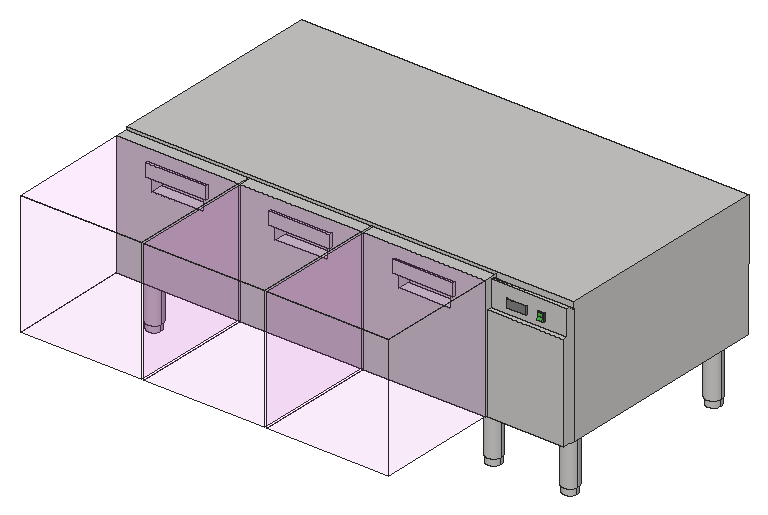
Revit family "QF_ELECTROLUXPROFESSIONAL_391601_E9TTAECOMKN", category Specialty Equipment, Revit 2018
Family settings
  Round Connector Dimension = Use Diameter
  Part Type = Normal
  Work Plane-Based = No
  Always vertical = Yes
  Cut with Voids When Loaded = No
  Shared = No
  Room Calculation Point = No
Parameters
  Weight = 110.00 kg
  Watts = 0 W
  Volts = 0 V
  URL Manufacturer = ""
  URL = ""
  Steam Supply Size = 0 mm
  Steam Supply Minimum Pressure = 0.0 Pa
  Steam Supply Maximum Pressure = 0.0 Pa
  Steam Pounds per Hour = 0
  Refrigeration Suction Line Size = 0 mm
  Refrigeration Liquid Line Size = 0 mm
  Refrigerant Compressor Remote = yes
  Manufacturer = ""
  Phase = 0
  Model = ""
  Length Actual = 1600 mm  # constant formula
  Item Number = ""
  Hot Water Size = 0 mm
  Height Actual = 600 mm  # constant formula
  HP = "0.6 HP"
  Gas Size = 0 mm
  Gas KW = 0
  Gas Input Pressure = 0 W
  Direct Waste Size = 12.7 mm
  Description = ""
  Depth Actual = 830 mm  # constant formula
  Cycle = 0 Hz
  Condensate Return Size = 0 mm
  Compressed Air Volume = 0.0 L/s
  Compressed Air Size = 0 mm
  Compressed Air Pressure = 0.0 Pa
  Cold Water Size = 0 mm
  Accessory = yes
Reference planes
  plane 1 "Center X": y = 0
  plane 2: z = 0
  plane 3 "Centro (Sinistra/Destra)": x = 0
  plane 4: z = 200
  plane 5 "TOP": z = 650
  plane 6 "BACK": y = 450
  plane 7 "FRONT": y = -450
  plane 8 "LEFT": x = -800
  plane 9 "RIGHT": x = 800
  plane 10: y = -403
  plane 11: y = -448
  plane 12: x = -745
  plane 13: x = 745
  plane 14: x = 471
  plane 15: y = 292
  plane 16: y = -350
  plane 17: x = 286
  plane 18: x = -799
  plane 19: x = 799
  plane 20: y = 290
  plane 21: x = 760
  plane 22: y = 380
Forms (mm)
  Extrusion 1, solid, material "QF_Finishes_Stainless Steel"
    sketch origin (0, 0, 650) x (-1, 0, 0) y (0, -1, 0)
      loop
        line (799, -380) -> (799, 403) -> (-799, 403) -> (-799, -380) -> (799, -380)
    from -450 to 0
  Extrusion 2, solid, material "QF_Finishes_Stainless Steel"
    sketch origin (196, -342.999, 0) x (-1, 0, 0) y (0, 0, 1)
      loop
        line (995, 201.587) -> (995, 640.994) -> (560.999, 640.994) -> (560.999, 201.587) -> (995, 201.587)
      loop
        line (871.3, 506.706) -> (871.3, 585) -> (684.699, 585) -> (684.699, 506.706) -> (871.3, 506.706)
    from -105.001 to -60.001
  Extrusion 3, solid, material "QF_Door-Drawer Clearances"
    sketch origin (196, -448, 0) x (1, 0, 0) y (0, 0, 1)
      loop
        line (-995, 640.994) -> (-995, 201.587) -> (-560.999, 201.587) -> (-560.999, 640.994) -> (-995, 640.994)
    from 0 to 434
  Extrusion 4, solid, material "QF_Finishes_Stainless Steel"
    sketch origin (196, -448, 0) x (1, 0, 0) y (0, 0, 1)
      loop
        line (-886.3, 598.969) -> (-886.3, 553.969) -> (-669.699, 553.969) -> (-669.699, 598.969) -> (-886.3, 598.969)
    from 0 to 10
  Extrusion 5, solid, material "QF_Finishes_Stainless Steel"
    sketch origin (0, -30, 0) x (1, 0, 0) y (0, 1, 0)
      loop
        circle (760, 290) r 6
    from 189.987 to 200
  Extrusion 6, solid, material "QF_Finishes_Stainless Steel"
    sketch origin (799, -33.449, 0) x (0, 1, 0) y (0, 0, 1)
      loop
        line (-369.551, 629.527) -> (-386.314, 640.994) -> (-397.65, 640.994) -> (-397.65, 549.796) -> (-414.551, 549.796) -> (-414.551, 204.796) -> (-384.714, 204.796) -> (-374.993, 200) -> (-369.551, 200) -> (-369.551, 629.527)
    from 0 to -271
  Extrusion 7, solid, material "QF_Finishes_Black"
    sketch origin (783, -431.099, 630.994) x (0, 0, -1) y (1, 0, 0)
      loop
        line (32.198, -86.899) -> (61.199, -86.899) -> (61.199, -64.9) -> (32.198, -64.9) -> (32.198, -86.899)
    from 0 to 1.6
  Extrusion 8, solid, material "QF_Finishes_Grey"
    sketch origin (789, -431.099, 630.994) x (0, 0, -1) y (1, 0, 0)
      loop
        line (32.198, -206.099) -> (61.199, -206.099) -> (61.199, -136.099) -> (32.198, -136.099) -> (32.198, -206.099)
    from 0 to 1.6
  Extrusion 9, solid, material "QF_Finishes_Green"
    sketch origin (718.1, -431.099, 598.796) x (0, 0, -1) y (0, 1, 0)
      loop
        line (2.279, -3.281) -> (14.5, -3.281) -> (25.308, -8.985)
        arc (25.308, -8.985) -> (26.537, -5.394) -> (26.605, -1.6) r 12.221
        line (26.605, -1.6) -> (2.395, -1.6)
        arc (2.395, -1.6) -> (2.308, -2.439) -> (2.279, -3.281) r 12.221
    from -20 to -2
  Extrusion 10, solid, material "QF_Finishes_Stainless Steel"
    sketch origin (640.331, -442.999, 0) x (-1, 0, 0) y (0, 0, 1)
      loop
        line (997, 201.587) -> (997, 640.994) -> (563, 640.994) -> (563, 201.587) -> (997, 201.587)
      loop
        line (873.3, 506.706) -> (873.3, 585) -> (686.699, 585) -> (686.699, 506.706) -> (873.3, 506.706)
    from -5.001 to 39.999
  Extrusion 11, solid, material "QF_Door-Drawer Clearances"
    sketch origin (640.331, -448, 0) x (1, 0, 0) y (0, 0, 1)
      loop
        line (-997, 640.994) -> (-997, 201.587) -> (-563, 201.587) -> (-563, 640.994) -> (-997, 640.994)
    from 0 to 434
  Extrusion 12, solid, material "QF_Finishes_Stainless Steel"
    sketch origin (640.331, -448, 0) x (1, 0, 0) y (0, 0, 1)
      loop
        line (-888.3, 598.969) -> (-888.3, 553.969) -> (-671.699, 553.969) -> (-671.699, 598.969) -> (-888.3, 598.969)
    from 0 to 10
  Extrusion 13, solid, material "QF_Finishes_Stainless Steel"
    sketch origin (1073.161, -442.999, 0) x (-1, 0, 0) y (0, 0, 1)
      loop
        line (553.5, 201.587) -> (987.5, 201.587) -> (987.5, 640.994) -> (553.5, 640.994) -> (553.5, 201.587)
      loop
        line (863.8, 506.706) -> (863.8, 585) -> (677.199, 585) -> (677.199, 506.706) -> (863.8, 506.706)
    from -5.001 to 39.999
  Extrusion 14, solid, material "QF_Door-Drawer Clearances"
    sketch origin (1073.161, -448, 0) x (1, 0, 0) y (0, 0, 1)
      loop
        line (-553.5, 640.994) -> (-987.5, 640.994) -> (-987.5, 201.587) -> (-553.5, 201.587) -> (-553.5, 640.994)
    from 0 to 434
  Extrusion 15, solid, material "QF_Finishes_Stainless Steel"
    sketch origin (1073.161, -448, 0) x (1, 0, 0) y (0, 0, 1)
      loop
        line (-878.8, 598.969) -> (-878.8, 553.969) -> (-662.199, 553.969) -> (-662.199, 598.969) -> (-878.8, 598.969)
    from 0 to 10
Lines and regions (mm)
  Split face 1
    outline origin (789, -432.699, 630.994) x (0, 0, -1) y (1, 0, 0)
      loop
        line (37.198, -196.099) -> (52.198, -196.099) -> (52.198, -146.099) -> (37.198, -146.099) -> (37.198, -196.099)
  Split face 2
    outline origin (789, -432.699, 630.994) x (0, 0, -1) y (1, 0, 0)
      loop
        circle (44.698, -143.099) r 1.2
  Split face 3
    outline origin (789, -432.699, 630.994) x (0, 0, -1) y (1, 0, 0)
      loop
        circle (39.698, -143.099) r 1.2
  Split face 4
    outline origin (789, -432.699, 630.994) x (0, 0, -1) y (1, 0, 0)
      loop
        circle (49.698, -143.099) r 1.2
  Split face 5
    outline origin (789, -432.699, 630.994) x (0, 0, -1) y (1, 0, 0)
      loop
        circle (39.698, -199.099) r 1.2
  Split face 6
    outline origin (789, -432.699, 630.994) x (0, 0, -1) y (1, 0, 0)
      loop
        circle (44.698, -199.099) r 1.2
  Split face 7
    outline origin (789, -432.699, 630.994) x (0, 0, -1) y (1, 0, 0)
      loop
        circle (49.698, -199.099) r 1.2
  Split face 8
    outline origin (789, -432.699, 630.994) x (0, 0, -1) y (1, 0, 0)
      loop
        line (59.151, -196.099) -> (59.151, -185.099) -> (54.151, -185.099) -> (54.151, -196.099) -> (59.151, -196.099)
  Split face 9
    outline origin (789, -432.699, 630.994) x (0, 0, -1) y (1, 0, 0)
      loop
        line (54.151, -183.099) -> (59.151, -183.099) -> (59.151, -172.099) -> (54.151, -172.099) -> (54.151, -183.099)
  Split face 10
    outline origin (802, -432.699, 630.994) x (0, 0, -1) y (1, 0, 0)
      loop
        line (54.151, -183.099) -> (59.151, -183.099) -> (59.151, -172.099) -> (54.151, -172.099) -> (54.151, -183.099)
  Split face 11
    outline origin (815, -432.699, 630.994) x (0, 0, -1) y (1, 0, 0)
      loop
        line (54.151, -183.099) -> (59.151, -183.099) -> (59.151, -172.099) -> (54.151, -172.099) -> (54.151, -183.099)
  Split face 12
    outline origin (799, -448, 412.291) x (0, 0, -1) y (1, 0, 0)
      loop
        arc (-85.025, -240.599) -> (-81.004, -236.61) -> (-85.004, -232.599) r 4
        line (-85.004, -232.599) -> (-117.004, -232.599)
        arc (-117.004, -232.599) -> (-121.004, -236.61) -> (-116.984, -240.599) r 4
        line (-116.984, -240.599) -> (-85.025, -240.599)
  Split face 13
    outline origin (811, -448, 412.291) x (0, 0, -1) y (1, 0, 0)
      loop
        arc (-85.025, -240.599) -> (-81.004, -236.61) -> (-85.004, -232.599) r 4
        line (-85.004, -232.599) -> (-117.004, -232.599)
        arc (-117.004, -232.599) -> (-121.004, -236.61) -> (-116.984, -240.599) r 4
        line (-116.984, -240.599) -> (-85.025, -240.599)
  Split face 14
    outline origin (823, -448, 412.291) x (0, 0, -1) y (1, 0, 0)
      loop
        arc (-85.025, -240.599) -> (-81.004, -236.61) -> (-85.004, -232.599) r 4
        line (-85.004, -232.599) -> (-117.004, -232.599)
        arc (-117.004, -232.599) -> (-121.004, -236.61) -> (-116.984, -240.599) r 4
        line (-116.984, -240.599) -> (-85.025, -240.599)
  Split face 15
    outline origin (834.897, -448, 412.291) x (0, 0, -1) y (1, 0, 0)
      loop
        arc (-85.025, -240.599) -> (-81.004, -236.61) -> (-85.004, -232.599) r 4
        line (-85.004, -232.599) -> (-117.004, -232.599)
        arc (-117.004, -232.599) -> (-121.004, -236.61) -> (-116.984, -240.599) r 4
        line (-116.984, -240.599) -> (-85.025, -240.599)
  Split face 16
    outline origin (846.896, -448, 412.291) x (0, 0, -1) y (1, 0, 0)
      loop
        arc (-85.025, -240.599) -> (-81.004, -236.61) -> (-85.004, -232.599) r 4
        line (-85.004, -232.599) -> (-117.004, -232.599)
        arc (-117.004, -232.599) -> (-121.004, -236.61) -> (-116.984, -240.599) r 4
        line (-116.984, -240.599) -> (-85.025, -240.599)
  Split face 17
    outline origin (858.896, -448, 412.291) x (0, 0, -1) y (1, 0, 0)
      loop
        arc (-85.025, -240.599) -> (-81.004, -236.61) -> (-85.004, -232.599) r 4
        line (-85.004, -232.599) -> (-117.004, -232.599)
        arc (-117.004, -232.599) -> (-121.004, -236.61) -> (-116.984, -240.599) r 4
        line (-116.984, -240.599) -> (-85.025, -240.599)
  Split face 18
    outline origin (870.896, -448, 412.291) x (0, 0, -1) y (1, 0, 0)
      loop
        arc (-85.025, -240.599) -> (-81.004, -236.61) -> (-85.004, -232.599) r 4
        line (-85.004, -232.599) -> (-117.004, -232.599)
        arc (-117.004, -232.599) -> (-121.004, -236.61) -> (-116.984, -240.599) r 4
        line (-116.984, -240.599) -> (-85.025, -240.599)
  Split face 19
    outline origin (882.897, -448, 412.291) x (0, 0, -1) y (1, 0, 0)
      loop
        arc (-85.025, -240.599) -> (-81.004, -236.61) -> (-85.004, -232.599) r 4
        line (-85.004, -232.599) -> (-117.004, -232.599)
        arc (-117.004, -232.599) -> (-121.004, -236.61) -> (-116.984, -240.599) r 4
        line (-116.984, -240.599) -> (-85.025, -240.599)
  Split face 20
    outline origin (894.896, -448, 412.291) x (0, 0, -1) y (1, 0, 0)
      loop
        arc (-85.025, -240.599) -> (-81.004, -236.61) -> (-85.004, -232.599) r 4
        line (-85.004, -232.599) -> (-117.004, -232.599)
        arc (-117.004, -232.599) -> (-121.004, -236.61) -> (-116.984, -240.599) r 4
        line (-116.984, -240.599) -> (-85.025, -240.599)
  Split face 21
    outline origin (906.896, -448, 412.291) x (0, 0, -1) y (1, 0, 0)
      loop
        arc (-85.025, -242.399) -> (-81.004, -238.41) -> (-85.004, -234.4) r 4
        line (-85.004, -234.4) -> (-117.004, -234.4)
        arc (-117.004, -234.4) -> (-121.004, -238.41) -> (-116.984, -242.399) r 4
        line (-116.984, -242.399) -> (-85.025, -242.399)
  Split face 22
    outline origin (918.896, -448, 412.291) x (0, 0, -1) y (1, 0, 0)
      loop
        arc (-85.025, -242.399) -> (-81.004, -238.41) -> (-85.004, -234.4) r 4
        line (-85.004, -234.4) -> (-117.004, -234.4)
        arc (-117.004, -234.4) -> (-121.004, -238.41) -> (-116.984, -242.399) r 4
        line (-116.984, -242.399) -> (-85.025, -242.399)
  Split face 23
    outline origin (930.896, -448, 412.291) x (0, 0, -1) y (1, 0, 0)
      loop
        arc (-85.025, -242.399) -> (-81.004, -238.41) -> (-85.004, -234.4) r 4
        line (-85.004, -234.4) -> (-117.004, -234.4)
        arc (-117.004, -234.4) -> (-121.004, -238.41) -> (-116.984, -242.399) r 4
        line (-116.984, -242.399) -> (-85.025, -242.399)
  Split face 24
    outline origin (942.896, -448, 412.291) x (0, 0, -1) y (1, 0, 0)
      loop
        arc (-85.025, -242.399) -> (-81.004, -238.41) -> (-85.004, -234.4) r 4
        line (-85.004, -234.4) -> (-117.004, -234.4)
        arc (-117.004, -234.4) -> (-121.004, -238.41) -> (-116.984, -242.399) r 4
        line (-116.984, -242.399) -> (-85.025, -242.399)
  Split face 25
    outline origin (954.896, -448, 412.291) x (0, 0, -1) y (1, 0, 0)
      loop
        arc (-85.025, -242.399) -> (-81.004, -238.41) -> (-85.004, -234.4) r 4
        line (-85.004, -234.4) -> (-117.004, -234.4)
        arc (-117.004, -234.4) -> (-121.004, -238.41) -> (-116.984, -242.399) r 4
        line (-116.984, -242.399) -> (-85.025, -242.399)
  Split face 26
    outline origin (966.896, -448, 412.291) x (0, 0, -1) y (1, 0, 0)
      loop
        arc (-85.025, -242.399) -> (-81.004, -238.41) -> (-85.004, -234.4) r 4
        line (-85.004, -234.4) -> (-117.004, -234.4)
        arc (-117.004, -234.4) -> (-121.004, -238.41) -> (-116.984, -242.399) r 4
        line (-116.984, -242.399) -> (-85.025, -242.399)
  Split face 27
    outline origin (978.896, -448, 412.291) x (0, 0, -1) y (1, 0, 0)
      loop
        arc (-85.025, -242.399) -> (-81.004, -238.41) -> (-85.004, -234.4) r 4
        line (-85.004, -234.4) -> (-117.004, -234.4)
        arc (-117.004, -234.4) -> (-121.004, -238.41) -> (-116.984, -242.399) r 4
        line (-116.984, -242.399) -> (-85.025, -242.399)
  Split face 28
    outline origin (990.896, -448, 412.291) x (0, 0, -1) y (1, 0, 0)
      loop
        arc (-85.025, -242.399) -> (-81.004, -238.41) -> (-85.004, -234.4) r 4
        line (-85.004, -234.4) -> (-117.004, -234.4)
        arc (-117.004, -234.4) -> (-121.004, -238.41) -> (-116.984, -242.399) r 4
        line (-116.984, -242.399) -> (-85.025, -242.399)
  Split face 29
    outline origin (1002.896, -448, 412.291) x (0, 0, -1) y (1, 0, 0)
      loop
        arc (-85.025, -242.399) -> (-81.004, -238.41) -> (-85.004, -234.4) r 4
        line (-85.004, -234.4) -> (-117.004, -234.4)
        arc (-117.004, -234.4) -> (-121.004, -238.41) -> (-116.984, -242.399) r 4
        line (-116.984, -242.399) -> (-85.025, -242.399)
  Split face 30
    outline origin (1014.896, -448, 412.291) x (0, 0, -1) y (1, 0, 0)
      loop
        arc (-85.025, -242.399) -> (-81.004, -238.41) -> (-85.004, -234.4) r 4
        line (-85.004, -234.4) -> (-117.004, -234.4)
        arc (-117.004, -234.4) -> (-121.004, -238.41) -> (-116.984, -242.399) r 4
        line (-116.984, -242.399) -> (-85.025, -242.399)
  Split face 31
    outline origin (787, -448, 412.291) x (0, 0, -1) y (1, 0, 0)
      loop
        arc (-85.025, -240.599) -> (-81.004, -236.61) -> (-85.004, -232.599) r 4
        line (-85.004, -232.599) -> (-117.004, -232.599)
        arc (-117.004, -232.599) -> (-121.004, -236.61) -> (-116.984, -240.599) r 4
        line (-116.984, -240.599) -> (-85.025, -240.599)
  Split face 32
    outline origin (799, -448, 367.29) x (0, 0, -1) y (1, 0, 0)
      loop
        arc (-85.025, -240.599) -> (-81.004, -236.61) -> (-85.004, -232.599) r 4
        line (-85.004, -232.599) -> (-117.004, -232.599)
        arc (-117.004, -232.599) -> (-121.004, -236.61) -> (-116.984, -240.599) r 4
        line (-116.984, -240.599) -> (-85.025, -240.599)
  Split face 33
    outline origin (811, -448, 367.29) x (0, 0, -1) y (1, 0, 0)
      loop
        arc (-85.025, -240.599) -> (-81.004, -236.61) -> (-85.004, -232.599) r 4
        line (-85.004, -232.599) -> (-117.004, -232.599)
        arc (-117.004, -232.599) -> (-121.004, -236.61) -> (-116.984, -240.599) r 4
        line (-116.984, -240.599) -> (-85.025, -240.599)
  Split face 34
    outline origin (823, -448, 367.29) x (0, 0, -1) y (1, 0, 0)
      loop
        arc (-85.025, -240.599) -> (-81.004, -236.61) -> (-85.004, -232.599) r 4
        line (-85.004, -232.599) -> (-117.004, -232.599)
        arc (-117.004, -232.599) -> (-121.004, -236.61) -> (-116.984, -240.599) r 4
        line (-116.984, -240.599) -> (-85.025, -240.599)
  Split face 35
    outline origin (834.897, -448, 367.29) x (0, 0, -1) y (1, 0, 0)
      loop
        arc (-85.025, -240.599) -> (-81.004, -236.61) -> (-85.004, -232.599) r 4
        line (-85.004, -232.599) -> (-117.004, -232.599)
        arc (-117.004, -232.599) -> (-121.004, -236.61) -> (-116.984, -240.599) r 4
        line (-116.984, -240.599) -> (-85.025, -240.599)
  Split face 36
    outline origin (846.896, -448, 367.29) x (0, 0, -1) y (1, 0, 0)
      loop
        arc (-85.025, -240.599) -> (-81.004, -236.61) -> (-85.004, -232.599) r 4
        line (-85.004, -232.599) -> (-117.004, -232.599)
        arc (-117.004, -232.599) -> (-121.004, -236.61) -> (-116.984, -240.599) r 4
        line (-116.984, -240.599) -> (-85.025, -240.599)
  Split face 37
    outline origin (858.896, -448, 367.29) x (0, 0, -1) y (1, 0, 0)
      loop
        arc (-85.025, -240.599) -> (-81.004, -236.61) -> (-85.004, -232.599) r 4
        line (-85.004, -232.599) -> (-117.004, -232.599)
        arc (-117.004, -232.599) -> (-121.004, -236.61) -> (-116.984, -240.599) r 4
        line (-116.984, -240.599) -> (-85.025, -240.599)
  Split face 38
    outline origin (870.896, -448, 367.29) x (0, 0, -1) y (1, 0, 0)
      loop
        arc (-85.025, -240.599) -> (-81.004, -236.61) -> (-85.004, -232.599) r 4
        line (-85.004, -232.599) -> (-117.004, -232.599)
        arc (-117.004, -232.599) -> (-121.004, -236.61) -> (-116.984, -240.599) r 4
        line (-116.984, -240.599) -> (-85.025, -240.599)
  Split face 39
    outline origin (882.897, -448, 367.29) x (0, 0, -1) y (1, 0, 0)
      loop
        arc (-85.025, -240.599) -> (-81.004, -236.61) -> (-85.004, -232.599) r 4
        line (-85.004, -232.599) -> (-117.004, -232.599)
        arc (-117.004, -232.599) -> (-121.004, -236.61) -> (-116.984, -240.599) r 4
        line (-116.984, -240.599) -> (-85.025, -240.599)
  Split face 40
    outline origin (894.896, -448, 367.29) x (0, 0, -1) y (1, 0, 0)
      loop
        arc (-85.025, -240.599) -> (-81.004, -236.61) -> (-85.004, -232.599) r 4
        line (-85.004, -232.599) -> (-117.004, -232.599)
        arc (-117.004, -232.599) -> (-121.004, -236.61) -> (-116.984, -240.599) r 4
        line (-116.984, -240.599) -> (-85.025, -240.599)
  Split face 41
    outline origin (906.896, -448, 367.29) x (0, 0, -1) y (1, 0, 0)
      loop
        arc (-85.025, -242.399) -> (-81.004, -238.41) -> (-85.004, -234.4) r 4
        line (-85.004, -234.4) -> (-117.004, -234.4)
        arc (-117.004, -234.4) -> (-121.004, -238.41) -> (-116.984, -242.399) r 4
        line (-116.984, -242.399) -> (-85.025, -242.399)
  Split face 42
    outline origin (918.896, -448, 367.29) x (0, 0, -1) y (1, 0, 0)
      loop
        arc (-85.025, -242.399) -> (-81.004, -238.41) -> (-85.004, -234.4) r 4
        line (-85.004, -234.4) -> (-117.004, -234.4)
        arc (-117.004, -234.4) -> (-121.004, -238.41) -> (-116.984, -242.399) r 4
        line (-116.984, -242.399) -> (-85.025, -242.399)
  Split face 43
    outline origin (930.896, -448, 367.29) x (0, 0, -1) y (1, 0, 0)
      loop
        arc (-85.025, -242.399) -> (-81.004, -238.41) -> (-85.004, -234.4) r 4
        line (-85.004, -234.4) -> (-117.004, -234.4)
        arc (-117.004, -234.4) -> (-121.004, -238.41) -> (-116.984, -242.399) r 4
        line (-116.984, -242.399) -> (-85.025, -242.399)
  Split face 44
    outline origin (942.896, -448, 367.29) x (0, 0, -1) y (1, 0, 0)
      loop
        arc (-85.025, -242.399) -> (-81.004, -238.41) -> (-85.004, -234.4) r 4
        line (-85.004, -234.4) -> (-117.004, -234.4)
        arc (-117.004, -234.4) -> (-121.004, -238.41) -> (-116.984, -242.399) r 4
        line (-116.984, -242.399) -> (-85.025, -242.399)
  Split face 45
    outline origin (954.896, -448, 367.29) x (0, 0, -1) y (1, 0, 0)
      loop
        arc (-85.025, -242.399) -> (-81.004, -238.41) -> (-85.004, -234.4) r 4
        line (-85.004, -234.4) -> (-117.004, -234.4)
        arc (-117.004, -234.4) -> (-121.004, -238.41) -> (-116.984, -242.399) r 4
        line (-116.984, -242.399) -> (-85.025, -242.399)
  Split face 46
    outline origin (966.896, -448, 367.29) x (0, 0, -1) y (1, 0, 0)
      loop
        arc (-85.025, -242.399) -> (-81.004, -238.41) -> (-85.004, -234.4) r 4
        line (-85.004, -234.4) -> (-117.004, -234.4)
        arc (-117.004, -234.4) -> (-121.004, -238.41) -> (-116.984, -242.399) r 4
        line (-116.984, -242.399) -> (-85.025, -242.399)
  Split face 47
    outline origin (978.896, -448, 367.29) x (0, 0, -1) y (1, 0, 0)
      loop
        arc (-85.025, -242.399) -> (-81.004, -238.41) -> (-85.004, -234.4) r 4
        line (-85.004, -234.4) -> (-117.004, -234.4)
        arc (-117.004, -234.4) -> (-121.004, -238.41) -> (-116.984, -242.399) r 4
        line (-116.984, -242.399) -> (-85.025, -242.399)
  Split face 48
    outline origin (990.896, -448, 367.29) x (0, 0, -1) y (1, 0, 0)
      loop
        arc (-85.025, -242.399) -> (-81.004, -238.41) -> (-85.004, -234.4) r 4
        line (-85.004, -234.4) -> (-117.004, -234.4)
        arc (-117.004, -234.4) -> (-121.004, -238.41) -> (-116.984, -242.399) r 4
        line (-116.984, -242.399) -> (-85.025, -242.399)
  Split face 49
    outline origin (1002.896, -448, 367.29) x (0, 0, -1) y (1, 0, 0)
      loop
        arc (-85.025, -242.399) -> (-81.004, -238.41) -> (-85.004, -234.4) r 4
        line (-85.004, -234.4) -> (-117.004, -234.4)
        arc (-117.004, -234.4) -> (-121.004, -238.41) -> (-116.984, -242.399) r 4
        line (-116.984, -242.399) -> (-85.025, -242.399)
  Split face 50
    outline origin (1014.896, -448, 367.29) x (0, 0, -1) y (1, 0, 0)
      loop
        arc (-85.025, -242.399) -> (-81.004, -238.41) -> (-85.004, -234.4) r 4
        line (-85.004, -234.4) -> (-117.004, -234.4)
        arc (-117.004, -234.4) -> (-121.004, -238.41) -> (-116.984, -242.399) r 4
        line (-116.984, -242.399) -> (-85.025, -242.399)
  Split face 51
    outline origin (787, -448, 367.29) x (0, 0, -1) y (1, 0, 0)
      loop
        arc (-85.025, -240.599) -> (-81.004, -236.61) -> (-85.004, -232.599) r 4
        line (-85.004, -232.599) -> (-117.004, -232.599)
        arc (-117.004, -232.599) -> (-121.004, -236.61) -> (-116.984, -240.599) r 4
        line (-116.984, -240.599) -> (-85.025, -240.599)
  Split face 52
    outline origin (799, -448, 322.29) x (0, 0, -1) y (1, 0, 0)
      loop
        arc (-85.025, -240.599) -> (-81.004, -236.61) -> (-85.004, -232.599) r 4
        line (-85.004, -232.599) -> (-117.004, -232.599)
        arc (-117.004, -232.599) -> (-121.004, -236.61) -> (-116.984, -240.599) r 4
        line (-116.984, -240.599) -> (-85.025, -240.599)
  Split face 53
    outline origin (811, -448, 322.29) x (0, 0, -1) y (1, 0, 0)
      loop
        arc (-85.025, -240.599) -> (-81.004, -236.61) -> (-85.004, -232.599) r 4
        line (-85.004, -232.599) -> (-117.004, -232.599)
        arc (-117.004, -232.599) -> (-121.004, -236.61) -> (-116.984, -240.599) r 4
        line (-116.984, -240.599) -> (-85.025, -240.599)
  Split face 54
    outline origin (823, -448, 322.29) x (0, 0, -1) y (1, 0, 0)
      loop
        arc (-85.025, -240.599) -> (-81.004, -236.61) -> (-85.004, -232.599) r 4
        line (-85.004, -232.599) -> (-117.004, -232.599)
        arc (-117.004, -232.599) -> (-121.004, -236.61) -> (-116.984, -240.599) r 4
        line (-116.984, -240.599) -> (-85.025, -240.599)
  Split face 55
    outline origin (834.897, -448, 322.29) x (0, 0, -1) y (1, 0, 0)
      loop
        arc (-85.025, -240.599) -> (-81.004, -236.61) -> (-85.004, -232.599) r 4
        line (-85.004, -232.599) -> (-117.004, -232.599)
        arc (-117.004, -232.599) -> (-121.004, -236.61) -> (-116.984, -240.599) r 4
        line (-116.984, -240.599) -> (-85.025, -240.599)
  Split face 56
    outline origin (846.896, -448, 322.29) x (0, 0, -1) y (1, 0, 0)
      loop
        arc (-85.025, -240.599) -> (-81.004, -236.61) -> (-85.004, -232.599) r 4
        line (-85.004, -232.599) -> (-117.004, -232.599)
        arc (-117.004, -232.599) -> (-121.004, -236.61) -> (-116.984, -240.599) r 4
        line (-116.984, -240.599) -> (-85.025, -240.599)
  Split face 57
    outline origin (858.896, -448, 322.29) x (0, 0, -1) y (1, 0, 0)
      loop
        arc (-85.025, -240.599) -> (-81.004, -236.61) -> (-85.004, -232.599) r 4
        line (-85.004, -232.599) -> (-117.004, -232.599)
        arc (-117.004, -232.599) -> (-121.004, -236.61) -> (-116.984, -240.599) r 4
        line (-116.984, -240.599) -> (-85.025, -240.599)
  Split face 58
    outline origin (870.896, -448, 322.29) x (0, 0, -1) y (1, 0, 0)
      loop
        arc (-85.025, -240.599) -> (-81.004, -236.61) -> (-85.004, -232.599) r 4
        line (-85.004, -232.599) -> (-117.004, -232.599)
        arc (-117.004, -232.599) -> (-121.004, -236.61) -> (-116.984, -240.599) r 4
        line (-116.984, -240.599) -> (-85.025, -240.599)
  Split face 59
    outline origin (882.897, -448, 322.29) x (0, 0, -1) y (1, 0, 0)
      loop
        arc (-85.025, -240.599) -> (-81.004, -236.61) -> (-85.004, -232.599) r 4
        line (-85.004, -232.599) -> (-117.004, -232.599)
        arc (-117.004, -232.599) -> (-121.004, -236.61) -> (-116.984, -240.599) r 4
        line (-116.984, -240.599) -> (-85.025, -240.599)
  Split face 60
    outline origin (894.896, -448, 322.29) x (0, 0, -1) y (1, 0, 0)
      loop
        arc (-85.025, -240.599) -> (-81.004, -236.61) -> (-85.004, -232.599) r 4
        line (-85.004, -232.599) -> (-117.004, -232.599)
        arc (-117.004, -232.599) -> (-121.004, -236.61) -> (-116.984, -240.599) r 4
        line (-116.984, -240.599) -> (-85.025, -240.599)
  Split face 61
    outline origin (906.896, -448, 322.29) x (0, 0, -1) y (1, 0, 0)
      loop
        arc (-85.025, -242.399) -> (-81.004, -238.41) -> (-85.004, -234.4) r 4
        line (-85.004, -234.4) -> (-117.004, -234.4)
        arc (-117.004, -234.4) -> (-121.004, -238.41) -> (-116.984, -242.399) r 4
        line (-116.984, -242.399) -> (-85.025, -242.399)
  Split face 62
    outline origin (918.896, -448, 322.29) x (0, 0, -1) y (1, 0, 0)
      loop
        arc (-85.025, -242.399) -> (-81.004, -238.41) -> (-85.004, -234.4) r 4
        line (-85.004, -234.4) -> (-117.004, -234.4)
        arc (-117.004, -234.4) -> (-121.004, -238.41) -> (-116.984, -242.399) r 4
        line (-116.984, -242.399) -> (-85.025, -242.399)
  Split face 63
    outline origin (930.896, -448, 322.29) x (0, 0, -1) y (1, 0, 0)
      loop
        arc (-85.025, -242.399) -> (-81.004, -238.41) -> (-85.004, -234.4) r 4
        line (-85.004, -234.4) -> (-117.004, -234.4)
        arc (-117.004, -234.4) -> (-121.004, -238.41) -> (-116.984, -242.399) r 4
        line (-116.984, -242.399) -> (-85.025, -242.399)
  Split face 64
    outline origin (942.896, -448, 322.29) x (0, 0, -1) y (1, 0, 0)
      loop
        arc (-85.025, -242.399) -> (-81.004, -238.41) -> (-85.004, -234.4) r 4
        line (-85.004, -234.4) -> (-117.004, -234.4)
        arc (-117.004, -234.4) -> (-121.004, -238.41) -> (-116.984, -242.399) r 4
        line (-116.984, -242.399) -> (-85.025, -242.399)
  Split face 65
    outline origin (954.896, -448, 322.29) x (0, 0, -1) y (1, 0, 0)
      loop
        arc (-85.025, -242.399) -> (-81.004, -238.41) -> (-85.004, -234.4) r 4
        line (-85.004, -234.4) -> (-117.004, -234.4)
        arc (-117.004, -234.4) -> (-121.004, -238.41) -> (-116.984, -242.399) r 4
        line (-116.984, -242.399) -> (-85.025, -242.399)
  Split face 66
    outline origin (966.896, -448, 322.29) x (0, 0, -1) y (1, 0, 0)
      loop
        arc (-85.025, -242.399) -> (-81.004, -238.41) -> (-85.004, -234.4) r 4
        line (-85.004, -234.4) -> (-117.004, -234.4)
        arc (-117.004, -234.4) -> (-121.004, -238.41) -> (-116.984, -242.399) r 4
        line (-116.984, -242.399) -> (-85.025, -242.399)
  Split face 67
    outline origin (978.896, -448, 322.29) x (0, 0, -1) y (1, 0, 0)
      loop
        arc (-85.025, -242.399) -> (-81.004, -238.41) -> (-85.004, -234.4) r 4
        line (-85.004, -234.4) -> (-117.004, -234.4)
        arc (-117.004, -234.4) -> (-121.004, -238.41) -> (-116.984, -242.399) r 4
        line (-116.984, -242.399) -> (-85.025, -242.399)
  Split face 68
    outline origin (990.896, -448, 322.29) x (0, 0, -1) y (1, 0, 0)
      loop
        arc (-85.025, -242.399) -> (-81.004, -238.41) -> (-85.004, -234.4) r 4
        line (-85.004, -234.4) -> (-117.004, -234.4)
        arc (-117.004, -234.4) -> (-121.004, -238.41) -> (-116.984, -242.399) r 4
        line (-116.984, -242.399) -> (-85.025, -242.399)
  Split face 69
    outline origin (1002.896, -448, 322.29) x (0, 0, -1) y (1, 0, 0)
      loop
        arc (-85.025, -242.399) -> (-81.004, -238.41) -> (-85.004, -234.4) r 4
        line (-85.004, -234.4) -> (-117.004, -234.4)
        arc (-117.004, -234.4) -> (-121.004, -238.41) -> (-116.984, -242.399) r 4
        line (-116.984, -242.399) -> (-85.025, -242.399)
  Split face 70
    outline origin (1014.896, -448, 322.29) x (0, 0, -1) y (1, 0, 0)
      loop
        arc (-85.025, -242.399) -> (-81.004, -238.41) -> (-85.004, -234.4) r 4
        line (-85.004, -234.4) -> (-117.004, -234.4)
        arc (-117.004, -234.4) -> (-121.004, -238.41) -> (-116.984, -242.399) r 4
        line (-116.984, -242.399) -> (-85.025, -242.399)
  Split face 71
    outline origin (787, -448, 322.29) x (0, 0, -1) y (1, 0, 0)
      loop
        arc (-85.025, -240.599) -> (-81.004, -236.61) -> (-85.004, -232.599) r 4
        line (-85.004, -232.599) -> (-117.004, -232.599)
        arc (-117.004, -232.599) -> (-121.004, -236.61) -> (-116.984, -240.599) r 4
        line (-116.984, -240.599) -> (-85.025, -240.599)
  Split face 72
    outline origin (799, -448, 277.29) x (0, 0, -1) y (1, 0, 0)
      loop
        arc (-85.025, -240.599) -> (-81.004, -236.61) -> (-85.004, -232.599) r 4
        line (-85.004, -232.599) -> (-117.004, -232.599)
        arc (-117.004, -232.599) -> (-121.004, -236.61) -> (-116.984, -240.599) r 4
        line (-116.984, -240.599) -> (-85.025, -240.599)
  Split face 73
    outline origin (811, -448, 277.29) x (0, 0, -1) y (1, 0, 0)
      loop
        arc (-85.025, -240.599) -> (-81.004, -236.61) -> (-85.004, -232.599) r 4
        line (-85.004, -232.599) -> (-117.004, -232.599)
        arc (-117.004, -232.599) -> (-121.004, -236.61) -> (-116.984, -240.599) r 4
        line (-116.984, -240.599) -> (-85.025, -240.599)
  Split face 74
    outline origin (823, -448, 277.29) x (0, 0, -1) y (1, 0, 0)
      loop
        arc (-85.025, -240.599) -> (-81.004, -236.61) -> (-85.004, -232.599) r 4
        line (-85.004, -232.599) -> (-117.004, -232.599)
        arc (-117.004, -232.599) -> (-121.004, -236.61) -> (-116.984, -240.599) r 4
        line (-116.984, -240.599) -> (-85.025, -240.599)
  Split face 75
    outline origin (834.897, -448, 277.29) x (0, 0, -1) y (1, 0, 0)
      loop
        arc (-85.025, -240.599) -> (-81.004, -236.61) -> (-85.004, -232.599) r 4
        line (-85.004, -232.599) -> (-117.004, -232.599)
        arc (-117.004, -232.599) -> (-121.004, -236.61) -> (-116.984, -240.599) r 4
        line (-116.984, -240.599) -> (-85.025, -240.599)
  Split face 76
    outline origin (846.896, -448, 277.29) x (0, 0, -1) y (1, 0, 0)
      loop
        arc (-85.025, -240.599) -> (-81.004, -236.61) -> (-85.004, -232.599) r 4
        line (-85.004, -232.599) -> (-117.004, -232.599)
        arc (-117.004, -232.599) -> (-121.004, -236.61) -> (-116.984, -240.599) r 4
        line (-116.984, -240.599) -> (-85.025, -240.599)
  Split face 77
    outline origin (858.896, -448, 277.29) x (0, 0, -1) y (1, 0, 0)
      loop
        arc (-85.025, -240.599) -> (-81.004, -236.61) -> (-85.004, -232.599) r 4
        line (-85.004, -232.599) -> (-117.004, -232.599)
        arc (-117.004, -232.599) -> (-121.004, -236.61) -> (-116.984, -240.599) r 4
        line (-116.984, -240.599) -> (-85.025, -240.599)
  Split face 78
    outline origin (870.896, -448, 277.29) x (0, 0, -1) y (1, 0, 0)
      loop
        arc (-85.025, -240.599) -> (-81.004, -236.61) -> (-85.004, -232.599) r 4
        line (-85.004, -232.599) -> (-117.004, -232.599)
        arc (-117.004, -232.599) -> (-121.004, -236.61) -> (-116.984, -240.599) r 4
        line (-116.984, -240.599) -> (-85.025, -240.599)
  Split face 79
    outline origin (882.897, -448, 277.29) x (0, 0, -1) y (1, 0, 0)
      loop
        arc (-85.025, -240.599) -> (-81.004, -236.61) -> (-85.004, -232.599) r 4
        line (-85.004, -232.599) -> (-117.004, -232.599)
        arc (-117.004, -232.599) -> (-121.004, -236.61) -> (-116.984, -240.599) r 4
        line (-116.984, -240.599) -> (-85.025, -240.599)
  Split face 80
    outline origin (894.896, -448, 277.29) x (0, 0, -1) y (1, 0, 0)
      loop
        arc (-85.025, -240.599) -> (-81.004, -236.61) -> (-85.004, -232.599) r 4
        line (-85.004, -232.599) -> (-117.004, -232.599)
        arc (-117.004, -232.599) -> (-121.004, -236.61) -> (-116.984, -240.599) r 4
        line (-116.984, -240.599) -> (-85.025, -240.599)
  Split face 81
    outline origin (906.896, -448, 277.29) x (0, 0, -1) y (1, 0, 0)
      loop
        arc (-85.025, -242.399) -> (-81.004, -238.41) -> (-85.004, -234.4) r 4
        line (-85.004, -234.4) -> (-117.004, -234.4)
        arc (-117.004, -234.4) -> (-121.004, -238.41) -> (-116.984, -242.399) r 4
        line (-116.984, -242.399) -> (-85.025, -242.399)
  Split face 82
    outline origin (918.896, -448, 277.29) x (0, 0, -1) y (1, 0, 0)
      loop
        arc (-85.025, -242.399) -> (-81.004, -238.41) -> (-85.004, -234.4) r 4
        line (-85.004, -234.4) -> (-117.004, -234.4)
        arc (-117.004, -234.4) -> (-121.004, -238.41) -> (-116.984, -242.399) r 4
        line (-116.984, -242.399) -> (-85.025, -242.399)
  Split face 83
    outline origin (930.896, -448, 277.29) x (0, 0, -1) y (1, 0, 0)
      loop
        arc (-85.025, -242.399) -> (-81.004, -238.41) -> (-85.004, -234.4) r 4
        line (-85.004, -234.4) -> (-117.004, -234.4)
        arc (-117.004, -234.4) -> (-121.004, -238.41) -> (-116.984, -242.399) r 4
        line (-116.984, -242.399) -> (-85.025, -242.399)
  Split face 84
    outline origin (942.896, -448, 277.29) x (0, 0, -1) y (1, 0, 0)
      loop
        arc (-85.025, -242.399) -> (-81.004, -238.41) -> (-85.004, -234.4) r 4
        line (-85.004, -234.4) -> (-117.004, -234.4)
        arc (-117.004, -234.4) -> (-121.004, -238.41) -> (-116.984, -242.399) r 4
        line (-116.984, -242.399) -> (-85.025, -242.399)
  Split face 85
    outline origin (954.896, -448, 277.29) x (0, 0, -1) y (1, 0, 0)
      loop
        arc (-85.025, -242.399) -> (-81.004, -238.41) -> (-85.004, -234.4) r 4
        line (-85.004, -234.4) -> (-117.004, -234.4)
        arc (-117.004, -234.4) -> (-121.004, -238.41) -> (-116.984, -242.399) r 4
        line (-116.984, -242.399) -> (-85.025, -242.399)
  Split face 86
    outline origin (966.896, -448, 277.29) x (0, 0, -1) y (1, 0, 0)
      loop
        arc (-85.025, -242.399) -> (-81.004, -238.41) -> (-85.004, -234.4) r 4
        line (-85.004, -234.4) -> (-117.004, -234.4)
        arc (-117.004, -234.4) -> (-121.004, -238.41) -> (-116.984, -242.399) r 4
        line (-116.984, -242.399) -> (-85.025, -242.399)
  Split face 87
    outline origin (978.896, -448, 277.29) x (0, 0, -1) y (1, 0, 0)
      loop
        arc (-85.025, -242.399) -> (-81.004, -238.41) -> (-85.004, -234.4) r 4
        line (-85.004, -234.4) -> (-117.004, -234.4)
        arc (-117.004, -234.4) -> (-121.004, -238.41) -> (-116.984, -242.399) r 4
        line (-116.984, -242.399) -> (-85.025, -242.399)
  Split face 88
    outline origin (990.896, -448, 277.29) x (0, 0, -1) y (1, 0, 0)
      loop
        arc (-85.025, -242.399) -> (-81.004, -238.41) -> (-85.004, -234.4) r 4
        line (-85.004, -234.4) -> (-117.004, -234.4)
        arc (-117.004, -234.4) -> (-121.004, -238.41) -> (-116.984, -242.399) r 4
        line (-116.984, -242.399) -> (-85.025, -242.399)
  Split face 89
    outline origin (1002.896, -448, 277.29) x (0, 0, -1) y (1, 0, 0)
      loop
        arc (-85.025, -242.399) -> (-81.004, -238.41) -> (-85.004, -234.4) r 4
        line (-85.004, -234.4) -> (-117.004, -234.4)
        arc (-117.004, -234.4) -> (-121.004, -238.41) -> (-116.984, -242.399) r 4
        line (-116.984, -242.399) -> (-85.025, -242.399)
  Split face 90
    outline origin (1014.896, -448, 277.29) x (0, 0, -1) y (1, 0, 0)
      loop
        arc (-85.025, -242.399) -> (-81.004, -238.41) -> (-85.004, -234.4) r 4
        line (-85.004, -234.4) -> (-117.004, -234.4)
        arc (-117.004, -234.4) -> (-121.004, -238.41) -> (-116.984, -242.399) r 4
        line (-116.984, -242.399) -> (-85.025, -242.399)
  Split face 91
    outline origin (787, -448, 277.29) x (0, 0, -1) y (1, 0, 0)
      loop
        arc (-85.025, -240.599) -> (-81.004, -236.61) -> (-85.004, -232.599) r 4
        line (-85.004, -232.599) -> (-117.004, -232.599)
        arc (-117.004, -232.599) -> (-121.004, -236.61) -> (-116.984, -240.599) r 4
        line (-116.984, -240.599) -> (-85.025, -240.599)
  Split face 92
    outline origin (799, -448, 232.29) x (0, 0, -1) y (1, 0, 0)
      loop
        arc (-85.025, -240.599) -> (-81.004, -236.61) -> (-85.004, -232.599) r 4
        line (-85.004, -232.599) -> (-117.004, -232.599)
        arc (-117.004, -232.599) -> (-121.004, -236.61) -> (-116.984, -240.599) r 4
        line (-116.984, -240.599) -> (-85.025, -240.599)
  Split face 93
    outline origin (811, -448, 232.29) x (0, 0, -1) y (1, 0, 0)
      loop
        arc (-85.025, -240.599) -> (-81.004, -236.61) -> (-85.004, -232.599) r 4
        line (-85.004, -232.599) -> (-117.004, -232.599)
        arc (-117.004, -232.599) -> (-121.004, -236.61) -> (-116.984, -240.599) r 4
        line (-116.984, -240.599) -> (-85.025, -240.599)
  Split face 94
    outline origin (823, -448, 232.29) x (0, 0, -1) y (1, 0, 0)
      loop
        arc (-85.025, -240.599) -> (-81.004, -236.61) -> (-85.004, -232.599) r 4
        line (-85.004, -232.599) -> (-117.004, -232.599)
        arc (-117.004, -232.599) -> (-121.004, -236.61) -> (-116.984, -240.599) r 4
        line (-116.984, -240.599) -> (-85.025, -240.599)
  Split face 95
    outline origin (834.897, -448, 232.29) x (0, 0, -1) y (1, 0, 0)
      loop
        arc (-85.025, -240.599) -> (-81.004, -236.61) -> (-85.004, -232.599) r 4
        line (-85.004, -232.599) -> (-117.004, -232.599)
        arc (-117.004, -232.599) -> (-121.004, -236.61) -> (-116.984, -240.599) r 4
        line (-116.984, -240.599) -> (-85.025, -240.599)
  Split face 96
    outline origin (846.896, -448, 232.29) x (0, 0, -1) y (1, 0, 0)
      loop
        arc (-85.025, -240.599) -> (-81.004, -236.61) -> (-85.004, -232.599) r 4
        line (-85.004, -232.599) -> (-117.004, -232.599)
        arc (-117.004, -232.599) -> (-121.004, -236.61) -> (-116.984, -240.599) r 4
        line (-116.984, -240.599) -> (-85.025, -240.599)
  Split face 97
    outline origin (858.896, -448, 232.29) x (0, 0, -1) y (1, 0, 0)
      loop
        arc (-85.025, -240.599) -> (-81.004, -236.61) -> (-85.004, -232.599) r 4
        line (-85.004, -232.599) -> (-117.004, -232.599)
        arc (-117.004, -232.599) -> (-121.004, -236.61) -> (-116.984, -240.599) r 4
        line (-116.984, -240.599) -> (-85.025, -240.599)
  Split face 98
    outline origin (870.896, -448, 232.29) x (0, 0, -1) y (1, 0, 0)
      loop
        arc (-85.025, -240.599) -> (-81.004, -236.61) -> (-85.004, -232.599) r 4
        line (-85.004, -232.599) -> (-117.004, -232.599)
        arc (-117.004, -232.599) -> (-121.004, -236.61) -> (-116.984, -240.599) r 4
        line (-116.984, -240.599) -> (-85.025, -240.599)
  Split face 99
    outline origin (882.897, -448, 232.29) x (0, 0, -1) y (1, 0, 0)
      loop
        arc (-85.025, -240.599) -> (-81.004, -236.61) -> (-85.004, -232.599) r 4
        line (-85.004, -232.599) -> (-117.004, -232.599)
        arc (-117.004, -232.599) -> (-121.004, -236.61) -> (-116.984, -240.599) r 4
        line (-116.984, -240.599) -> (-85.025, -240.599)
  Split face 100
    outline origin (894.896, -448, 232.29) x (0, 0, -1) y (1, 0, 0)
      loop
        arc (-85.025, -240.599) -> (-81.004, -236.61) -> (-85.004, -232.599) r 4
        line (-85.004, -232.599) -> (-117.004, -232.599)
        arc (-117.004, -232.599) -> (-121.004, -236.61) -> (-116.984, -240.599) r 4
        line (-116.984, -240.599) -> (-85.025, -240.599)
  Split face 101
    outline origin (906.896, -448, 232.29) x (0, 0, -1) y (1, 0, 0)
      loop
        arc (-85.025, -242.399) -> (-81.004, -238.41) -> (-85.004, -234.4) r 4
        line (-85.004, -234.4) -> (-117.004, -234.4)
        arc (-117.004, -234.4) -> (-121.004, -238.41) -> (-116.984, -242.399) r 4
        line (-116.984, -242.399) -> (-85.025, -242.399)
  Split face 102
    outline origin (918.896, -448, 232.29) x (0, 0, -1) y (1, 0, 0)
      loop
        arc (-85.025, -242.399) -> (-81.004, -238.41) -> (-85.004, -234.4) r 4
        line (-85.004, -234.4) -> (-117.004, -234.4)
        arc (-117.004, -234.4) -> (-121.004, -238.41) -> (-116.984, -242.399) r 4
        line (-116.984, -242.399) -> (-85.025, -242.399)
  Split face 103
    outline origin (930.896, -448, 232.29) x (0, 0, -1) y (1, 0, 0)
      loop
        arc (-85.025, -242.399) -> (-81.004, -238.41) -> (-85.004, -234.4) r 4
        line (-85.004, -234.4) -> (-117.004, -234.4)
        arc (-117.004, -234.4) -> (-121.004, -238.41) -> (-116.984, -242.399) r 4
        line (-116.984, -242.399) -> (-85.025, -242.399)
  Split face 104
    outline origin (942.896, -448, 232.29) x (0, 0, -1) y (1, 0, 0)
      loop
        arc (-85.025, -242.399) -> (-81.004, -238.41) -> (-85.004, -234.4) r 4
        line (-85.004, -234.4) -> (-117.004, -234.4)
        arc (-117.004, -234.4) -> (-121.004, -238.41) -> (-116.984, -242.399) r 4
        line (-116.984, -242.399) -> (-85.025, -242.399)
  Split face 105
    outline origin (954.896, -448, 232.29) x (0, 0, -1) y (1, 0, 0)
      loop
        arc (-85.025, -242.399) -> (-81.004, -238.41) -> (-85.004, -234.4) r 4
        line (-85.004, -234.4) -> (-117.004, -234.4)
        arc (-117.004, -234.4) -> (-121.004, -238.41) -> (-116.984, -242.399) r 4
        line (-116.984, -242.399) -> (-85.025, -242.399)
  Split face 106
    outline origin (966.896, -448, 232.29) x (0, 0, -1) y (1, 0, 0)
      loop
        arc (-85.025, -242.399) -> (-81.004, -238.41) -> (-85.004, -234.4) r 4
        line (-85.004, -234.4) -> (-117.004, -234.4)
        arc (-117.004, -234.4) -> (-121.004, -238.41) -> (-116.984, -242.399) r 4
        line (-116.984, -242.399) -> (-85.025, -242.399)
  Split face 107
    outline origin (978.896, -448, 232.29) x (0, 0, -1) y (1, 0, 0)
      loop
        arc (-85.025, -242.399) -> (-81.004, -238.41) -> (-85.004, -234.4) r 4
        line (-85.004, -234.4) -> (-117.004, -234.4)
        arc (-117.004, -234.4) -> (-121.004, -238.41) -> (-116.984, -242.399) r 4
        line (-116.984, -242.399) -> (-85.025, -242.399)
  Split face 108
    outline origin (990.896, -448, 232.29) x (0, 0, -1) y (1, 0, 0)
      loop
        arc (-85.025, -242.399) -> (-81.004, -238.41) -> (-85.004, -234.4) r 4
        line (-85.004, -234.4) -> (-117.004, -234.4)
        arc (-117.004, -234.4) -> (-121.004, -238.41) -> (-116.984, -242.399) r 4
        line (-116.984, -242.399) -> (-85.025, -242.399)
  Split face 109
    outline origin (1002.896, -448, 232.29) x (0, 0, -1) y (1, 0, 0)
      loop
        arc (-85.025, -242.399) -> (-81.004, -238.41) -> (-85.004, -234.4) r 4
        line (-85.004, -234.4) -> (-117.004, -234.4)
        arc (-117.004, -234.4) -> (-121.004, -238.41) -> (-116.984, -242.399) r 4
        line (-116.984, -242.399) -> (-85.025, -242.399)
  Split face 110
    outline origin (1014.896, -448, 232.29) x (0, 0, -1) y (1, 0, 0)
      loop
        arc (-85.025, -242.399) -> (-81.004, -238.41) -> (-85.004, -234.4) r 4
        line (-85.004, -234.4) -> (-117.004, -234.4)
        arc (-117.004, -234.4) -> (-121.004, -238.41) -> (-116.984, -242.399) r 4
        line (-116.984, -242.399) -> (-85.025, -242.399)
  Split face 111
    outline origin (787, -448, 232.29) x (0, 0, -1) y (1, 0, 0)
      loop
        arc (-85.025, -240.599) -> (-81.004, -236.61) -> (-85.004, -232.599) r 4
        line (-85.004, -232.599) -> (-117.004, -232.599)
        arc (-117.004, -232.599) -> (-121.004, -236.61) -> (-116.984, -240.599) r 4
        line (-116.984, -240.599) -> (-85.025, -240.599)
  Split face 112
    outline origin (799, -448, 187.29) x (0, 0, -1) y (1, 0, 0)
      loop
        arc (-85.025, -240.599) -> (-81.004, -236.61) -> (-85.004, -232.599) r 4
        line (-85.004, -232.599) -> (-117.004, -232.599)
        arc (-117.004, -232.599) -> (-121.004, -236.61) -> (-116.984, -240.599) r 4
        line (-116.984, -240.599) -> (-85.025, -240.599)
  Split face 113
    outline origin (811, -448, 187.29) x (0, 0, -1) y (1, 0, 0)
      loop
        arc (-85.025, -240.599) -> (-81.004, -236.61) -> (-85.004, -232.599) r 4
        line (-85.004, -232.599) -> (-117.004, -232.599)
        arc (-117.004, -232.599) -> (-121.004, -236.61) -> (-116.984, -240.599) r 4
        line (-116.984, -240.599) -> (-85.025, -240.599)
  Split face 114
    outline origin (823, -448, 187.29) x (0, 0, -1) y (1, 0, 0)
      loop
        arc (-85.025, -240.599) -> (-81.004, -236.61) -> (-85.004, -232.599) r 4
        line (-85.004, -232.599) -> (-117.004, -232.599)
        arc (-117.004, -232.599) -> (-121.004, -236.61) -> (-116.984, -240.599) r 4
        line (-116.984, -240.599) -> (-85.025, -240.599)
  Split face 115
    outline origin (834.897, -448, 187.29) x (0, 0, -1) y (1, 0, 0)
      loop
        arc (-85.025, -240.599) -> (-81.004, -236.61) -> (-85.004, -232.599) r 4
        line (-85.004, -232.599) -> (-117.004, -232.599)
        arc (-117.004, -232.599) -> (-121.004, -236.61) -> (-116.984, -240.599) r 4
        line (-116.984, -240.599) -> (-85.025, -240.599)
  Split face 116
    outline origin (846.896, -448, 187.29) x (0, 0, -1) y (1, 0, 0)
      loop
        arc (-85.025, -240.599) -> (-81.004, -236.61) -> (-85.004, -232.599) r 4
        line (-85.004, -232.599) -> (-117.004, -232.599)
        arc (-117.004, -232.599) -> (-121.004, -236.61) -> (-116.984, -240.599) r 4
        line (-116.984, -240.599) -> (-85.025, -240.599)
  Split face 117
    outline origin (858.896, -448, 187.29) x (0, 0, -1) y (1, 0, 0)
      loop
        arc (-85.025, -240.599) -> (-81.004, -236.61) -> (-85.004, -232.599) r 4
        line (-85.004, -232.599) -> (-117.004, -232.599)
        arc (-117.004, -232.599) -> (-121.004, -236.61) -> (-116.984, -240.599) r 4
        line (-116.984, -240.599) -> (-85.025, -240.599)
  Split face 118
    outline origin (870.896, -448, 187.29) x (0, 0, -1) y (1, 0, 0)
      loop
        arc (-85.025, -240.599) -> (-81.004, -236.61) -> (-85.004, -232.599) r 4
        line (-85.004, -232.599) -> (-117.004, -232.599)
        arc (-117.004, -232.599) -> (-121.004, -236.61) -> (-116.984, -240.599) r 4
        line (-116.984, -240.599) -> (-85.025, -240.599)
  Split face 119
    outline origin (882.897, -448, 187.29) x (0, 0, -1) y (1, 0, 0)
      loop
        arc (-85.025, -240.599) -> (-81.004, -236.61) -> (-85.004, -232.599) r 4
        line (-85.004, -232.599) -> (-117.004, -232.599)
        arc (-117.004, -232.599) -> (-121.004, -236.61) -> (-116.984, -240.599) r 4
        line (-116.984, -240.599) -> (-85.025, -240.599)
  Split face 120
    outline origin (894.896, -448, 187.29) x (0, 0, -1) y (1, 0, 0)
      loop
        arc (-85.025, -240.599) -> (-81.004, -236.61) -> (-85.004, -232.599) r 4
        line (-85.004, -232.599) -> (-117.004, -232.599)
        arc (-117.004, -232.599) -> (-121.004, -236.61) -> (-116.984, -240.599) r 4
        line (-116.984, -240.599) -> (-85.025, -240.599)
  Split face 121
    outline origin (906.896, -448, 187.29) x (0, 0, -1) y (1, 0, 0)
      loop
        arc (-85.025, -242.399) -> (-81.004, -238.41) -> (-85.004, -234.4) r 4
        line (-85.004, -234.4) -> (-117.004, -234.4)
        arc (-117.004, -234.4) -> (-121.004, -238.41) -> (-116.984, -242.399) r 4
        line (-116.984, -242.399) -> (-85.025, -242.399)
  Split face 122
    outline origin (918.896, -448, 187.29) x (0, 0, -1) y (1, 0, 0)
      loop
        arc (-85.025, -242.399) -> (-81.004, -238.41) -> (-85.004, -234.4) r 4
        line (-85.004, -234.4) -> (-117.004, -234.4)
        arc (-117.004, -234.4) -> (-121.004, -238.41) -> (-116.984, -242.399) r 4
        line (-116.984, -242.399) -> (-85.025, -242.399)
  Split face 123
    outline origin (930.896, -448, 187.29) x (0, 0, -1) y (1, 0, 0)
      loop
        arc (-85.025, -242.399) -> (-81.004, -238.41) -> (-85.004, -234.4) r 4
        line (-85.004, -234.4) -> (-117.004, -234.4)
        arc (-117.004, -234.4) -> (-121.004, -238.41) -> (-116.984, -242.399) r 4
        line (-116.984, -242.399) -> (-85.025, -242.399)
  Split face 124
    outline origin (942.896, -448, 187.29) x (0, 0, -1) y (1, 0, 0)
      loop
        arc (-85.025, -242.399) -> (-81.004, -238.41) -> (-85.004, -234.4) r 4
        line (-85.004, -234.4) -> (-117.004, -234.4)
        arc (-117.004, -234.4) -> (-121.004, -238.41) -> (-116.984, -242.399) r 4
        line (-116.984, -242.399) -> (-85.025, -242.399)
  Split face 125
    outline origin (954.896, -448, 187.29) x (0, 0, -1) y (1, 0, 0)
      loop
        arc (-85.025, -242.399) -> (-81.004, -238.41) -> (-85.004, -234.4) r 4
        line (-85.004, -234.4) -> (-117.004, -234.4)
        arc (-117.004, -234.4) -> (-121.004, -238.41) -> (-116.984, -242.399) r 4
        line (-116.984, -242.399) -> (-85.025, -242.399)
  Split face 126
    outline origin (966.896, -448, 187.29) x (0, 0, -1) y (1, 0, 0)
      loop
        arc (-85.025, -242.399) -> (-81.004, -238.41) -> (-85.004, -234.4) r 4
        line (-85.004, -234.4) -> (-117.004, -234.4)
        arc (-117.004, -234.4) -> (-121.004, -238.41) -> (-116.984, -242.399) r 4
        line (-116.984, -242.399) -> (-85.025, -242.399)
  Split face 127
    outline origin (978.896, -448, 187.29) x (0, 0, -1) y (1, 0, 0)
      loop
        arc (-85.025, -242.399) -> (-81.004, -238.41) -> (-85.004, -234.4) r 4
        line (-85.004, -234.4) -> (-117.004, -234.4)
        arc (-117.004, -234.4) -> (-121.004, -238.41) -> (-116.984, -242.399) r 4
        line (-116.984, -242.399) -> (-85.025, -242.399)
  Split face 128
    outline origin (990.896, -448, 187.29) x (0, 0, -1) y (1, 0, 0)
      loop
        arc (-85.025, -242.399) -> (-81.004, -238.41) -> (-85.004, -234.4) r 4
        line (-85.004, -234.4) -> (-117.004, -234.4)
        arc (-117.004, -234.4) -> (-121.004, -238.41) -> (-116.984, -242.399) r 4
        line (-116.984, -242.399) -> (-85.025, -242.399)
  Split face 129
    outline origin (1002.896, -448, 187.29) x (0, 0, -1) y (1, 0, 0)
      loop
        arc (-85.025, -242.399) -> (-81.004, -238.41) -> (-85.004, -234.4) r 4
        line (-85.004, -234.4) -> (-117.004, -234.4)
        arc (-117.004, -234.4) -> (-121.004, -238.41) -> (-116.984, -242.399) r 4
        line (-116.984, -242.399) -> (-85.025, -242.399)
  Split face 130
    outline origin (1014.896, -448, 187.29) x (0, 0, -1) y (1, 0, 0)
      loop
        arc (-85.025, -242.399) -> (-81.004, -238.41) -> (-85.004, -234.4) r 4
        line (-85.004, -234.4) -> (-117.004, -234.4)
        arc (-117.004, -234.4) -> (-121.004, -238.41) -> (-116.984, -242.399) r 4
        line (-116.984, -242.399) -> (-85.025, -242.399)
  Split face 131
    outline origin (787, -448, 187.29) x (0, 0, -1) y (1, 0, 0)
      loop
        arc (-85.025, -240.599) -> (-81.004, -236.61) -> (-85.004, -232.599) r 4
        line (-85.004, -232.599) -> (-117.004, -232.599)
        arc (-117.004, -232.599) -> (-121.004, -236.61) -> (-116.984, -240.599) r 4
        line (-116.984, -240.599) -> (-85.025, -240.599)
  Split face 132
    outline origin (799, -448, 142.29) x (0, 0, -1) y (1, 0, 0)
      loop
        arc (-85.025, -240.599) -> (-81.004, -236.61) -> (-85.004, -232.599) r 4
        line (-85.004, -232.599) -> (-117.004, -232.599)
        arc (-117.004, -232.599) -> (-121.004, -236.61) -> (-116.984, -240.599) r 4
        line (-116.984, -240.599) -> (-85.025, -240.599)
  Split face 133
    outline origin (811, -448, 142.29) x (0, 0, -1) y (1, 0, 0)
      loop
        arc (-85.025, -240.599) -> (-81.004, -236.61) -> (-85.004, -232.599) r 4
        line (-85.004, -232.599) -> (-117.004, -232.599)
        arc (-117.004, -232.599) -> (-121.004, -236.61) -> (-116.984, -240.599) r 4
        line (-116.984, -240.599) -> (-85.025, -240.599)
  Split face 134
    outline origin (823, -448, 142.29) x (0, 0, -1) y (1, 0, 0)
      loop
        arc (-85.025, -240.599) -> (-81.004, -236.61) -> (-85.004, -232.599) r 4
        line (-85.004, -232.599) -> (-117.004, -232.599)
        arc (-117.004, -232.599) -> (-121.004, -236.61) -> (-116.984, -240.599) r 4
        line (-116.984, -240.599) -> (-85.025, -240.599)
  Split face 135
    outline origin (834.897, -448, 142.29) x (0, 0, -1) y (1, 0, 0)
      loop
        arc (-85.025, -240.599) -> (-81.004, -236.61) -> (-85.004, -232.599) r 4
        line (-85.004, -232.599) -> (-117.004, -232.599)
        arc (-117.004, -232.599) -> (-121.004, -236.61) -> (-116.984, -240.599) r 4
        line (-116.984, -240.599) -> (-85.025, -240.599)
  Split face 136
    outline origin (846.896, -448, 142.29) x (0, 0, -1) y (1, 0, 0)
      loop
        arc (-85.025, -240.599) -> (-81.004, -236.61) -> (-85.004, -232.599) r 4
        line (-85.004, -232.599) -> (-117.004, -232.599)
        arc (-117.004, -232.599) -> (-121.004, -236.61) -> (-116.984, -240.599) r 4
        line (-116.984, -240.599) -> (-85.025, -240.599)
  Split face 137
    outline origin (858.896, -448, 142.29) x (0, 0, -1) y (1, 0, 0)
      loop
        arc (-85.025, -240.599) -> (-81.004, -236.61) -> (-85.004, -232.599) r 4
        line (-85.004, -232.599) -> (-117.004, -232.599)
        arc (-117.004, -232.599) -> (-121.004, -236.61) -> (-116.984, -240.599) r 4
        line (-116.984, -240.599) -> (-85.025, -240.599)
  Split face 138
    outline origin (870.896, -448, 142.29) x (0, 0, -1) y (1, 0, 0)
      loop
        arc (-85.025, -240.599) -> (-81.004, -236.61) -> (-85.004, -232.599) r 4
        line (-85.004, -232.599) -> (-117.004, -232.599)
        arc (-117.004, -232.599) -> (-121.004, -236.61) -> (-116.984, -240.599) r 4
        line (-116.984, -240.599) -> (-85.025, -240.599)
  Split face 139
    outline origin (882.897, -448, 142.29) x (0, 0, -1) y (1, 0, 0)
      loop
        arc (-85.025, -240.599) -> (-81.004, -236.61) -> (-85.004, -232.599) r 4
        line (-85.004, -232.599) -> (-117.004, -232.599)
        arc (-117.004, -232.599) -> (-121.004, -236.61) -> (-116.984, -240.599) r 4
        line (-116.984, -240.599) -> (-85.025, -240.599)
  Split face 140
    outline origin (894.896, -448, 142.29) x (0, 0, -1) y (1, 0, 0)
      loop
        arc (-85.025, -240.599) -> (-81.004, -236.61) -> (-85.004, -232.599) r 4
        line (-85.004, -232.599) -> (-117.004, -232.599)
        arc (-117.004, -232.599) -> (-121.004, -236.61) -> (-116.984, -240.599) r 4
        line (-116.984, -240.599) -> (-85.025, -240.599)
  Split face 141
    outline origin (906.896, -448, 142.29) x (0, 0, -1) y (1, 0, 0)
      loop
        arc (-85.025, -242.399) -> (-81.004, -238.41) -> (-85.004, -234.4) r 4
        line (-85.004, -234.4) -> (-117.004, -234.4)
        arc (-117.004, -234.4) -> (-121.004, -238.41) -> (-116.984, -242.399) r 4
        line (-116.984, -242.399) -> (-85.025, -242.399)
  Split face 142
    outline origin (918.896, -448, 142.29) x (0, 0, -1) y (1, 0, 0)
      loop
        arc (-85.025, -242.399) -> (-81.004, -238.41) -> (-85.004, -234.4) r 4
        line (-85.004, -234.4) -> (-117.004, -234.4)
        arc (-117.004, -234.4) -> (-121.004, -238.41) -> (-116.984, -242.399) r 4
        line (-116.984, -242.399) -> (-85.025, -242.399)
  Split face 143
    outline origin (930.896, -448, 142.29) x (0, 0, -1) y (1, 0, 0)
      loop
        arc (-85.025, -242.399) -> (-81.004, -238.41) -> (-85.004, -234.4) r 4
        line (-85.004, -234.4) -> (-117.004, -234.4)
        arc (-117.004, -234.4) -> (-121.004, -238.41) -> (-116.984, -242.399) r 4
        line (-116.984, -242.399) -> (-85.025, -242.399)
  Split face 144
    outline origin (942.896, -448, 142.29) x (0, 0, -1) y (1, 0, 0)
      loop
        arc (-85.025, -242.399) -> (-81.004, -238.41) -> (-85.004, -234.4) r 4
        line (-85.004, -234.4) -> (-117.004, -234.4)
        arc (-117.004, -234.4) -> (-121.004, -238.41) -> (-116.984, -242.399) r 4
        line (-116.984, -242.399) -> (-85.025, -242.399)
  Split face 145
    outline origin (954.896, -448, 142.29) x (0, 0, -1) y (1, 0, 0)
      loop
        arc (-85.025, -242.399) -> (-81.004, -238.41) -> (-85.004, -234.4) r 4
        line (-85.004, -234.4) -> (-117.004, -234.4)
        arc (-117.004, -234.4) -> (-121.004, -238.41) -> (-116.984, -242.399) r 4
        line (-116.984, -242.399) -> (-85.025, -242.399)
  Split face 146
    outline origin (966.896, -448, 142.29) x (0, 0, -1) y (1, 0, 0)
      loop
        arc (-85.025, -242.399) -> (-81.004, -238.41) -> (-85.004, -234.4) r 4
        line (-85.004, -234.4) -> (-117.004, -234.4)
